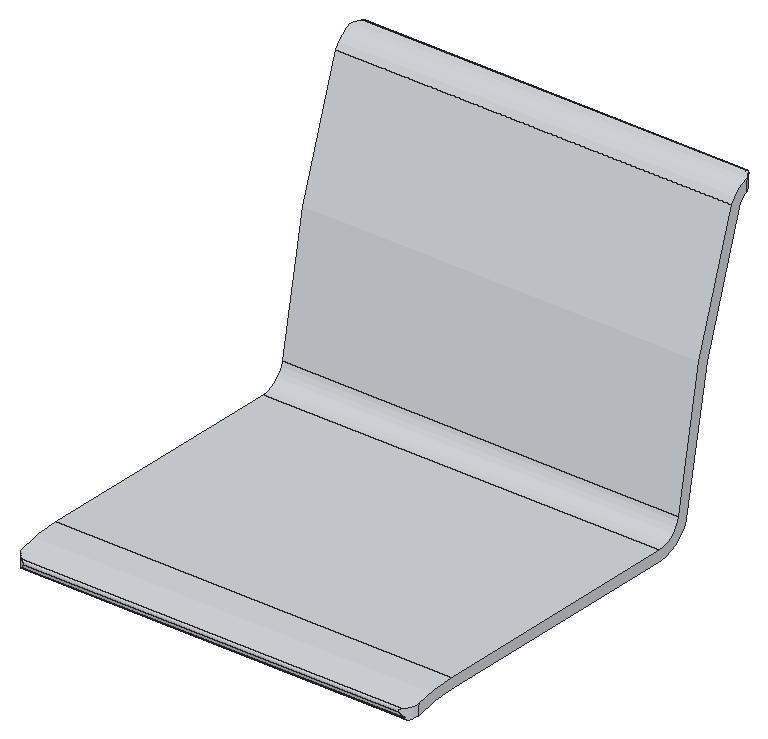
Revit family "FU_Modular_Sandler_Lin Wood 0120", category Furniture, Revit 2020
Family settings
  OmniClass Number = 23.40.20.00
  OmniClass Title = General Furniture and Specialties
  Work Plane-Based = No
  Always vertical = Yes
  Cut with Voids When Loaded = No
  Shared = No
  Room Calculation Point = No
Parameters (values of type "Lin Wood 0120")
  Width = 550 mm
  URL = "https://www.sandlerseating.com/product/lin-wood-0120/"
  Shell [instance] = none
  Model = "Lin Wood 0120"
  Manufacturer = "Sandler"
  Height = 830 mm
  Description = "Seat mono-shell for bench made of oak plywood. Greenguard Certified."
  Depth = 600 mm
  Default Elevation = 0 mm
Reference planes
  plane 1 "Center (Front/Back)": y = 0
  plane 2: z = 0
  plane 3 "Center (Left/Right)": x = 0
  plane 4 "Right": x = -275
  plane 5 "Left": x = 275
  plane 6 "Back": y = 300
  plane 7 "Front": y = -300
  plane 8 "Height": z = 830
  plane 9 "Seat height": z = 420
Forms (mm)
  Extrusion 1, solid, material <- "Shell"
    sketch origin (0, 0, 0) x (0, 1, 0) y (0, 0, 1)
      loop
        arc (-296.528, 409.259) -> (-298.292, 407.781) -> (-298.489, 405.488) r 3
        line (-298.489, 405.488) -> (-296.145, 398.115)
        arc (-296.145, 398.115) -> (-294.694, 396.376) -> (-292.441, 396.146) r 3
        arc (-292.441, 396.146) -> (-259.598, 403.502) -> (-226.076, 406.516) r 257.81
        line (-226.076, 406.516) -> (136.328, 406.516)
        arc (136.328, 406.516) -> (167.135, 418.613) -> (182.606, 447.871) r 47.596
        arc (182.606, 447.871) -> (216.499, 619.653) -> (271.868, 785.761) r 1380.136
        arc (271.868, 785.761) -> (282.014, 798.558) -> (297.282, 804.355) r 30.751
        arc (297.282, 804.355) -> (299.219, 805.323) -> (300, 807.342) r 3
        line (300, 807.342) -> (300, 815.384)
        arc (300, 815.384) -> (299.034, 817.589) -> (296.758, 818.375) r 3
        arc (296.758, 818.375) -> (275.689, 811.238) -> (260.489, 794.996) r 45.679
        arc (260.489, 794.996) -> (203.377, 624.391) -> (168.377, 447.918) r 1414.809
        arc (168.377, 447.918) -> (156.802, 428.742) -> (136.018, 420.389) r 35.306
        line (136.018, 420.389) -> (-225.043, 420.389)
        arc (-225.043, 420.389) -> (-261.202, 417.498) -> (-296.528, 409.259) r 243.109
    from -275 to 275
  Extrusion 2, void
    sketch origin (0, 0, 0) x (1, 0, 0) y (0, 1, 0)
      loop
        arc (-255.478, -299.103) -> (-269.592, -293.178) -> (-275.383, -279.008) r 20
        line (-275.383, -279.008) -> (-283.594, -282.127) -> (-283.594, -305.864) -> (-258.594, -305.864) -> (-255.478, -299.103)
      loop
        line (255.478, -299.103) -> (258.594, -305.864) -> (283.594, -305.864) -> (283.594, -282.127) -> (275.383, -279.008)
        arc (275.383, -279.008) -> (269.592, -293.178) -> (255.478, -299.103) r 20
    from 385.619 to 420
  Extrusion 3, void
    sketch origin (0, 0, 0) x (1, 0, 0) y (0, 1, 0)
      loop
        line (275.49, 281.208) -> (282.251, 284.324) -> (282.251, 309.524) -> (258.59, 309.524) -> (255.395, 301.113)
        arc (255.395, 301.113) -> (269.565, 295.322) -> (275.49, 281.208) r 20
      loop
        arc (-275.49, 281.208) -> (-269.565, 295.322) -> (-255.395, 301.113) r 20
        line (-255.395, 301.113) -> (-258.59, 309.524) -> (-282.251, 309.524) -> (-282.251, 284.324) -> (-275.49, 281.208)
    from 785.898 to 830
Cuts and joins
  Extrusion 2, Extrusion 3 cuts Extrusion 1
Dimensions and locks
  equal spacing: plane 4 "Right", plane 3 "Center (Left/Right)", plane 5 "Left"
  "Width": plane 4 "Right" to plane 5 "Left"
  equal spacing: plane 6 "Back", plane 1 "Center (Front/Back)", plane 7 "Front"
  "Depth": plane 6 "Back" to plane 7 "Front"
  "Height": plane 8 "Height" to level
  plane 9 "Seat height" to level = 420 mm
  aligned and locked: level to plane 2
Automatic sketch dimensions
  Extrusion 1 sketch curve to plane 6 "Back" = 0 mm
  Extrusion 1 sketch curve to Extrusion 1 sketch curve = 3 mm  (x2)
  Extrusion 1 sketch curve to plane 9 "Seat height" = 13.484 mm
  Extrusion 1 sketch curve to plane 1 "Center (Front/Back)" = 136.328 mm
  plane 9 "Seat height" to Extrusion 1 sketch curve = 0.389 mm
  Extrusion 1 sketch curve to Extrusion 1 sketch curve = 0.31 mm
  Extrusion 1 sketch curve to Extrusion 1 sketch curve = 0.598 mm
  Extrusion 1 sketch curve to Extrusion 1 sketch curve = 1.495 mm
  plane 7 "Front" to Extrusion 1 sketch curve = 80.204 mm
  Extrusion 1 sketch curve to Extrusion 1 sketch curve = 4.005 mm
  plane 7 "Front" to Extrusion 1 sketch curve = 74.957 mm
  Extrusion 1 sketch curve to Extrusion 1 sketch curve = 1.033 mm
  plane 7 "Front" to Extrusion 1 sketch curve = 6.714 mm
  plane 7 "Front" to Extrusion 1 sketch curve = 4.37 mm
  Extrusion 1 sketch curve to Extrusion 1 sketch curve = 2.859 mm
  plane 7 "Front" to Extrusion 1 sketch curve = 1.511 mm
  plane 6 "Back" to Extrusion 1 sketch curve = 0.173 mm
  plane 6 "Back" to Extrusion 1 sketch curve = 0.437 mm
  Extrusion 1 sketch curve to plane 9 "Seat height" = 152.851 mm
  plane 6 "Back" to Extrusion 1 sketch curve = 1250.858 mm
  Extrusion 1 sketch curve to Extrusion 1 sketch curve = 19.99 mm
  Extrusion 1 sketch curve to Extrusion 1 sketch curve = 5.672 mm
  level to Extrusion 1 sketch curve = 177.283 mm
  Extrusion 1 sketch curve to Extrusion 1 sketch curve = 28.5 mm
  Extrusion 1 sketch curve to plane 9 "Seat height" = 21.885 mm
  Extrusion 1 sketch curve to Extrusion 1 sketch curve = 0.909 mm  (x2)
  Extrusion 1 sketch curve to Extrusion 1 sketch curve = 7.372 mm
  Extrusion 1 sketch curve to Extrusion 1 sketch curve = 33.714 mm
  Extrusion 1 sketch curve to Extrusion 1 sketch curve = 1.53 mm
  Extrusion 1 sketch curve to plane 8 "Height" = 57.156 mm
  Extrusion 1 sketch curve to Extrusion 1 sketch curve = 0.896 mm
  Extrusion 1 sketch curve to plane 8 "Height" = 22.658 mm
  Extrusion 1 sketch curve to Extrusion 1 sketch curve = 8.042 mm
  Extrusion 1 sketch curve to Extrusion 1 sketch curve = 0 mm  (x2)
  Extrusion 1 sketch curve to plane 6 "Back" = 28.132 mm
  Extrusion 1 sketch curve to Extrusion 1 sketch curve = 11.379 mm
  plane 4 "Right" to Extrusion 2 sketch curve = 8.594 mm
  plane 4 "Right" to Extrusion 2 sketch curve = 0.383 mm
  Extrusion 2 sketch curve to plane 7 "Front" = 5.864 mm  (x2)
  Extrusion 2 sketch curve to plane 4 "Right" = 16.406 mm
  plane 7 "Front" to Extrusion 2 sketch curve = 0.897 mm  (x2)
  Extrusion 2 sketch curve to Extrusion 2 sketch curve = 3.116 mm  (x2)
  Extrusion 2 sketch curve to plane 4 "Right" = 19.617 mm
  plane 5 "Left" to Extrusion 2 sketch curve = 19.617 mm
  plane 5 "Left" to Extrusion 2 sketch curve = 19.522 mm
  Extrusion 2 sketch curve to plane 5 "Left" = 0.383 mm
  Extrusion 2 sketch curve to plane 5 "Left" = 8.594 mm
  plane 7 "Front" to Extrusion 2 sketch curve = 17.873 mm  (x2)
  Extrusion 2 sketch curve to Extrusion 2 sketch curve = 20 mm  (x2)
  plane 4 "Right" to Extrusion 3 sketch curve = 7.251 mm
  plane 4 "Right" to Extrusion 3 sketch curve = 0.49 mm
  Extrusion 3 sketch curve to plane 4 "Right" = 16.41 mm
  Extrusion 3 sketch curve to plane 4 "Right" = 19.509 mm
  plane 6 "Back" to Extrusion 3 sketch curve = 1.113 mm  (x2)
  Extrusion 3 sketch curve to Extrusion 3 sketch curve = 3.194 mm  (x2)
  plane 5 "Left" to Extrusion 3 sketch curve = 19.605 mm
  plane 5 "Left" to Extrusion 3 sketch curve = 19.509 mm
  Extrusion 3 sketch curve to plane 5 "Left" = 0.49 mm
  Extrusion 3 sketch curve to plane 5 "Left" = 7.251 mm
  Extrusion 3 sketch curve to plane 6 "Back" = 15.676 mm  (x2)
  Extrusion 3 sketch curve to Extrusion 3 sketch curve = 3.116 mm  (x2)
  Extrusion 3 sketch curve to Extrusion 3 sketch curve = 8.411 mm  (x2)
